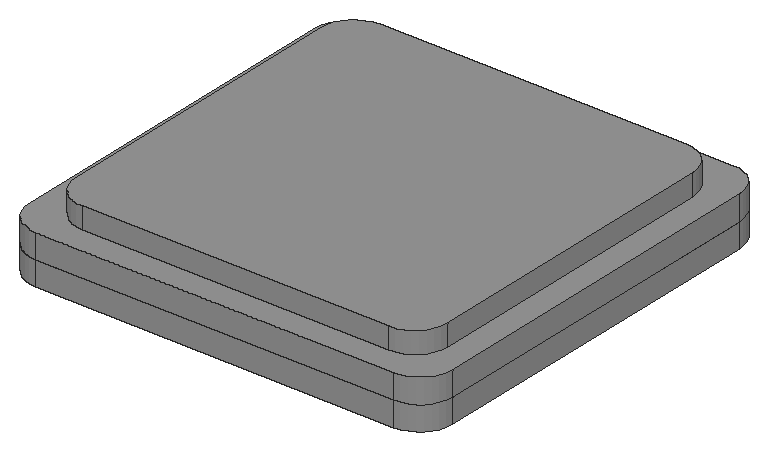
Revit family "FMS2_63_UN_Surface-mounted_ETK", category Lighting Fixtures, Revit 2019 (continued)
Definition of nested family "FMS.2 - Lightsource"
  Types (14, lengths in mm): name | Wattage Comments | Wattage | built-in parameter 1150134 | Photometric Web File | built-in parameter 1150142 | built-in parameter 1150105 | Lumens | built-in parameter 1150107 | built-in parameter 1150106 | Apparent Load
      .0018\t924.426\t921.564\t918.702\t915.84\r\n912.978\t909.8298\t906.9678\t903.2472\t898.668\t894.375\t889.7958\t885.5028\t881.2098\t876.6306\r\n872.3376\t867.7584\t863.4654\t859.1724\t854.5932\t850.3002\t846.0072\t841.428\t837.135\t832.5558\r\n828.2628\t823.6836\t819.3906\t814.8114\t809.0874\t803.3634\t797.6394\t791.9154\t786.1914\t780.4674\r\n774.4572\t768.7332\t762.723\t756.999\t750.9888\t745.2648\t739.5408\t733.8168\t728.0928\t722.0826\r\n716.3586\t710.9208\t705.1968\t699.1866\t692.8902\t686.0214\t679.1526\t672.2838\t665.415\t658.8324\r\n651.9636\t645.0948\t638.226\t631.3572\t624.4884\t617.6196\t610.7508\t603.882\t597.0132\t590.4306\r\n583.5618\t576.693\t569.8242\t562.9554\t555.5142\t548.073\t540.3456\t532.9044\t525.177\t517.7358\r\n510.0084\t502.281\t494.8398\t487.1124\t479.6712\t471.9438\t464.5026\t456.7752\t449.334\t441.8928\r\n434.1654\t426.7242\t419.283\t411.5556\t403.542\t395.5284\t387.5148\t379.5012\t371.4876\t363.474\r\n355.4604\t347.1606\t339.147\t331.1334\t323.1198\t315.1062\t307.0926\t299.079\t291.0654\t283.0232\r\n275.0382\t267.0246\t259.011\t251.5698\t244.3003\t237.0308\t229.7614\t222.4919\t215.251\t208.0102\r\n200.7407\t193.4998\t186.259\t179.0181\t171.8059\t164.565\t157.3528\t150.1119\t142.8997\t135.6874\r\n128.4752\t121.2343\t109.5287\t96.7928\t84.0569\t71.321\t58.5851\t45.8492\t33.1133\t20.3774\r\n7.6444\t0\t0\t0\t0\t0\t0\t0\t0\t0\r\n0\r\n985.6728\t984.8142\t983.9556\t982.8108\t981.9522\t981.0936\t979.9488\t979.0902\t978.2316\t977.373\r\n976.5144\t975.3696\t974.511\t973.3662\t972.5076\t971.649\t970.5042\t969.6456\t968.787\t967.9284\r\n966.7836\t965.3526\t962.7768\t960.201\t957.339\t954.7632\t951.9012\t949.0392\t946.1772\t943.6014\r\n940.7394\t938.1636\t935.3016\t932.4396\t929.8638\t927.0018\t924.426\t921.564\t918.9882\t916.1262\r\n913.5504\t910.6884\t906.9678\t902.6748\t898.3818\t894.0888\t889.7958\t885.5028\t881.2098\t876.6306\r\n872.3376\t868.0446\t863.4654\t859.1724\t854.8794\t850.5864\t846.0072\t841.7142\t837.4212\t832.842\r\n828.549\t824.256\t819.3906\t813.6666\t807.9426\t802.5048\t796.7808\t791.0568\t785.3328\t779.895\r\n774.171\t768.447\t762.723\t757.2852\t751.5612\t745.8372\t740.1132\t734.3892\t728.6652\t722.9412\r\n717.5034\t711.7794\t706.0554\t699.1866\t692.3178\t685.7352\t678.8664\t671.9976\t665.415\t658.5462\r\n651.6774\t644.8086\t638.226\t631.3572\t624.4884\t617.9058\t611.037\t604.1682\t597.5856\t590.7168\r\n583.848\t577.2654\t570.3966\t562.9554\t555.228\t547.7868\t540.3456\t532.6182\t525.177\t517.4496\r\n510.0084\t502.5672\t494.8398\t487.3986\t479.6712\t472.23\t464.7888\t457.0614\t449.6202\t441.8928\r\n434.4516\t427.0104\t419.283\t411.2694\t403.2558\t395.2422\t387.2286\t379.215\t371.2014\t363.1878\r\n355.1742\t347.1606\t339.147\t331.1334\t323.1198\t315.1062\t307.0926\t299.079\t291.0654\t282.9087\r\n274.8951\t266.8815\t259.4117\t252.1136\t244.8155\t237.4888\t230.1907\t222.9212\t215.6231\t208.325\r\n201.0269\t193.7288\t186.4593\t179.1612\t171.8631\t164.5936\t157.2955\t150.026\t142.7279\t135.4585\r\n128.1604\t119.0878\t106.3233\t93.5874\t80.8229\t68.087\t55.3225\t42.5866\t29.822\t17.0718\r\n4.3245\t0\t0\t0\t0\t0\t0\t0\t0\t0\r\n0\r\n985.6728\t984.8142\t983.9556\t982.8108\t981.9522\t981.0936\t980.235\t979.0902\t978.2316\t977.373\r\n976.5144\t975.6558\t974.7972\t973.6524\t972.7938\t971.9352\t971.0766\t969.9318\t969.0732\t967.9284\r\n967.0698\t965.0664\t962.2044\t959.6286\t957.0528\t954.477\t951.615\t949.0392\t946.4634\t943.8876\r\n941.0256\t938.4498\t935.874\t933.012\t930.4362\t927.5742\t924.9984\t922.1364\t919.2744\t916.6986\r\n913.8366\t910.6884\t906.3954\t902.1024\t897.8094\t893.5164\t889.2234\t884.9304\t880.9236\t876.6306\r\n872.3376\t868.0446\t863.7516\t859.4586\t855.1656\t850.8726\t846.5796\t842.2866\t837.9936\t833.7006\r\n829.4076\t824.8284\t819.1044\t813.3804\t807.9426\t802.2186\t796.4946\t791.0568\t785.3328\t779.6088\r\n774.171\t768.447\t762.723\t757.2852\t751.5612\t745.8372\t740.1132\t734.6754\t728.9514\t723.2274\r\n717.5034\t711.7794\t704.9106\t698.328\t691.7454\t684.8766\t678.294\t671.4252\t664.8426\t658.26\r\n651.3912\t644.8086\t638.226\t631.3572\t624.7746\t617.9058\t611.3232\t604.4544\t597.8718\t591.003\r\n584.4204\t577.5516\t570.1104\t562.383\t554.9418\t547.2144\t539.7732\t532.332\t524.8908\t517.4496\r\n509.7222\t502.281\t494.8398\t487.3986\t479.9574\t472.23\t464.7888\t457.3476\t449.9064\t442.4652\r\n435.024\t427.2966\t419.283\t411.2694\t403.2558\t395.2422\t387.2286\t379.215\t371.2014\t363.1878\r\n355.1742\t347.1606\t339.147\t331.1334\t323.1198\t315.1062\t307.0926\t299.079\t291.0654\t283.1663\r\n275.1527\t267.4539\t260.0986\t252.7718\t245.4451\t238.0898\t230.7631\t223.4363\t216.081\t208.7543\r\n201.4276\t194.1008\t186.7741\t179.4188\t172.0921\t164.7653\t157.4386\t150.1119\t142.7852\t135.4585\r\n128.1317\t116.9986\t104.2054\t91.4123\t78.6478\t65.8546\t53.0615\t40.2683\t27.4981\t14.7164\r\n1.9324\t0\t0\t0\t0\t0\t0\t0\t0\t0\r\n0\r\n985.6728\t984.8142\t983.9556\t982.8108\t981.9522\t981.0936\t980.235\t979.3764\t978.2316\t977.373\r\n976.5144\t975.6558\t974.7972\t973.9386\t972.7938\t971.9352\t971.0766\t970.218\t969.3594\t968.5008\r\n967.6422\t965.0664\t962.4906\t959.9148\t957.0528\t954.477\t951.9012\t949.0392\t946.4634\t943.8876\r\n941.0256\t938.4498\t935.874\t933.2982\t930.4362\t927.8604\t925.2846\t922.7088\t920.133\t917.5572\r\n914.6952\t910.6884\t906.6816\t902.3886\t898.0956\t893.8026\t889.5096\t885.2166\t880.9236\t876.6306\r\n872.3376\t868.0446\t863.7516\t859.4586\t855.4518\t851.1588\t846.8658\t842.5728\t838.2798\t833.9868\r\n829.98\t824.5422\t818.8182\t813.3804\t807.6564\t802.2186\t796.4946\t791.0568\t785.3328\t779.895\r\n774.171\t768.447\t763.0092\t757.2852\t751.8474\t746.1234\t740.3994\t734.9616\t729.2376\t723.7998\r\n718.0758\t711.4932\t704.9106\t698.328\t691.7454\t684.8766\t678.294\t671.7114\t665.1288\t658.26\r\n651.6774\t645.0948\t638.226\t631.6434\t624.7746\t618.192\t611.6094\t604.7406\t598.158\t591.2892\r\n584.7066\t577.2654\t569.8242\t562.383\t554.9418\t547.5006\t540.0594\t532.332\t524.8908\t517.4496\r\n510.0084\t502.5672\t495.126\t487.6848\t480.2436\t472.8024\t465.075\t457.6338\t450.1926\t442.7514\r\n435.3102\t427.2966\t419.283\t411.2694\t403.2558\t395.2422\t387.2286\t379.215\t371.2014\t363.1878\r\n355.1742\t347.1606\t339.147\t331.1334\t323.1198\t315.1062\t307.0926\t299.079\t291.0654\t283.1949\r\n275.1813\t267.7401\t260.3848\t253.058\t245.7027\t238.3474\t230.992\t223.6653\t216.31\t208.9546\r\n201.5993\t194.2726\t186.9172\t179.5619\t172.2065\t164.8798\t157.5245\t150.1691\t142.8138\t135.4871\r\n128.1317\t115.7393\t102.9175\t90.1244\t77.3026\t64.5095\t51.7163\t38.8946\t26.0957\t13.2883\r\n0.4848\t0\t0\t0\t0\t0\t0\t0\t0\t0\r\n0\r\n985.6728\t984.8142\t983.9556\t983.097\t981.9522\t981.0936\t980.235\t979.3764\t978.5178\t977.6592\r\n976.5144\t975.6558\t974.7972\t973.9386\t973.08\t971.9352\t971.0766\t970.218\t969.3594\t968.5008\r\n967.356\t964.7802\t962.2044\t959.6286\t957.0528\t954.477\t951.9012\t949.0392\t946.4634\t943.8876\r\n941.3118\t938.736\t936.1602\t933.2982\t930.7224\t928.1466\t925.5708\t922.995\t920.4192\t917.8434\r\n914.9814\t910.9746\t906.6816\t902.3886\t898.0956\t893.8026\t889.5096\t885.5028\t881.2098\t876.9168\r\n872.6238\t868.3308\t864.0378\t860.031\t855.738\t851.445\t847.152\t842.859\t838.566\t834.5592\r\n830.2662\t824.5422\t819.1044\t813.3804\t807.9426\t802.2186\t796.4946\t791.0568\t785.3328\t779.895\r\n774.171\t768.447\t763.0092\t757.2852\t751.8474\t746.1234\t740.6856\t734.9616\t729.2376\t723.7998\r\n718.0758\t711.4932\t704.9106\t698.328\t691.4592\t684.8766\t678.294\t671.7114\t664.8426\t658.26\r\n651.6774\t645.0948\t638.5122\t631.6434\t625.0608\t618.4782\t611.8956\t605.313\t598.4442\t591.8616\r\n585.279\t577.8378\t570.1104\t562.6692\t555.228\t547.7868\t540.3456\t532.9044\t525.177\t517.7358\r\n510.2946\t502.8534\t495.4122\t487.6848\t480.2436\t472.8024\t465.3612\t457.92\t450.1926\t442.7514\r\n435.3102\t427.2966\t419.283\t411.2694\t403.2558\t395.2422\t387.2286\t379.215\t371.4876\t363.474\r\n355.4604\t347.4468\t339.4332\t331.4196\t323.406\t315.3924\t307.3788\t299.3652\t291.3516\t283.4239\r\n275.4103\t268.0549\t260.6996\t253.3442\t246.0175\t238.6622\t231.3068\t223.9515\t216.5962\t209.2408\r\n201.8855\t194.5301\t187.2034\t179.8481\t172.4927\t165.1374\t157.7821\t150.4267\t143.0714\t135.716\r\n128.3607\t115.5389\t102.6886\t89.8668\t77.0164\t64.1947\t51.3443\t38.5225\t25.675\t12.8361\r\n0\t0\t0\t0\t0\t0\t0\t0\t0\t0\r\n0\r\n985.6728\t984.8142\t983.9556\t983.097\t981.9522\t981.0936\t980.235\t979.3764\t978.5178\t977.373\r\n976.5144\t975.6558\t974.7972\t973.9386\t973.08\t972.2214\t971.0766\t970.218\t969.3594\t968.5008\r\n967.6422\t965.0664\t962.4906\t959.9148\t957.339\t954.477\t951.9012\t949.3254\t946.7496\t943.8876\r\n941.3118\t938.736\t936.1602\t933.2982\t930.7224\t928.1466\t925.5708\t922.995\t920.133\t917.5572\r\n914.9814\t910.9746\t906.6816\t902.3886\t898.0956\t893.8026\t889.5096\t885.2166\t880.9236\t876.6306\r\n872.3376\t868.0446\t863.7516\t859.4586\t855.1656\t850.8726\t846.5796\t842.5728\t838.2798\t833.9868\r\n829.6938\t824.256\t818.8182\t813.0942\t807.6564\t801.9324\t796.4946\t790.7706\t785.3328\t779.895\r\n774.171\t768.7332\t763.0092\t757.5714\t751.8474\t746.4096\t740.6856\t734.9616\t729.5238\t723.7998\r\n718.362\t711.7794\t705.1968\t698.6142\t691.7454\t685.1628\t678.5802\t671.9976\t665.1288\t658.5462\r\n651.9636\t645.381\t638.5122\t631.9296\t625.347\t618.7644\t612.1818\t605.313\t598.7304\t592.1478\r\n585.5652\t578.124\t570.6828\t563.2416\t555.8004\t548.073\t540.6318\t533.1906\t525.4632\t518.022\r\n510.5808\t503.1396\t495.4122\t487.971\t480.5298\t473.0886\t465.3612\t457.92\t450.4788\t443.0376\r\n435.3102\t427.5828\t419.5692\t411.5556\t403.542\t395.5284\t387.5148\t379.5012\t371.7738\t363.7602\r\n355.7466\t347.733\t339.7194\t331.7058\t323.6922\t315.6786\t307.665\t299.9376\t291.924\t283.8532\r\n275.8968\t268.427\t261.0716\t253.7163\t246.361\t239.0056\t231.6503\t224.2949\t216.9396\t209.5843\r\n202.2003\t194.845\t187.4896\t180.1343\t172.7789\t165.4236\t158.0683\t150.7129\t143.3576\t136.0022\r\n128.6469\t116.1972\t103.3468\t90.4678\t77.6174\t64.7671\t51.9167\t39.0663\t26.1987\t13.3426\r\n0.4868\t0\t0\t0\t0\t0\t0\t0\t0\t0\r\n0\r\n985.6728\t984.8142\t983.9556\t983.097\t981.9522\t981.0936\t980.235\t979.3764\t978.5178\t977.6592\r\n976.5144\t975.6558\t974.7972\t973.9386\t973.08\t971.9352\t971.0766\t970.218\t969.3594\t968.2146\r\n967.356\t965.3526\t962.4906\t959.9148\t957.339\t954.7632\t951.9012\t949.3254\t946.7496\t943.8876\r\n941.3118\t938.736\t935.874\t933.2982\t930.4362\t927.8604\t924.9984\t922.4226\t919.8468\t916.9848\r\n914.409\t910.9746\t906.9678\t902.6748\t898.3818\t894.0888\t889.7958\t885.5028\t881.496\t877.203\r\n872.91\t868.617\t864.324\t860.031\t855.738\t851.445\t847.4382\t843.1452\t838.8522\t834.5592\r\n830.5524\t825.9732\t820.2492\t814.5252\t808.8012\t803.0772\t797.3532\t791.6292\t785.9052\t780.4674\r\n774.7434\t769.0194\t763.2954\t757.8576\t752.1336\t746.4096\t740.9718\t735.2478\t729.5238\t724.086\r\n718.362\t712.638\t706.0554\t699.1866\t692.604\t686.0214\t679.1526\t672.57\t665.9874\t659.1186\r\n652.536\t645.6672\t639.0846\t632.502\t625.6332\t619.0506\t612.1818\t605.5992\t598.7304\t592.1478\r\n585.5652\t578.6964\t571.2552\t563.5278\t556.0866\t548.6454\t540.918\t533.4768\t526.0356\t518.3082\r\n510.867\t503.4258\t495.9846\t488.2572\t480.816\t473.3748\t465.6474\t458.2062\t450.765\t443.3238\r\n435.5964\t428.1552\t420.1416\t412.128\t404.1144\t396.1008\t388.0872\t380.0736\t372.06\t364.0464\r\n356.0328\t348.0192\t340.0056\t331.992\t323.9784\t315.9648\t307.9512\t300.2238\t292.2102\t284.1107\r\n276.0971\t268.3984\t261.0716\t253.7163\t246.3896\t239.0629\t231.7075\t224.3808\t217.0541\t209.7274\r\n202.4006\t195.0739\t187.7472\t180.4205\t173.0938\t165.7957\t158.4689\t151.1422\t143.8155\t136.5174\r\n129.1907\t117.9716\t105.064\t92.185\t79.306\t66.3984\t53.5194\t40.6118\t27.7328\t14.8395\r\n1.9487\t0\t0\t0\t0\t0\t0\t0\t0\t0\r\n0\r\n985.6728\t984.8142\t983.9556\t983.097\t981.9522\t981.0936\t980.235\t979.3764\t978.5178\t977.6592\r\n976.5144\t975.6558\t974.7972\t973.6524\t972.7938\t971.9352\t970.7904\t969.9318\t969.0732\t967.9284\r\n967.0698\t965.6388\t963.063\t960.4872\t957.6252\t955.0494\t952.1874\t949.6116\t946.7496\t944.1738\r\n941.598\t938.736\t936.1602\t933.2982\t930.7224\t927.8604\t925.2846\t922.4226\t919.5606\t916.9848\r\n914.1228\t911.2608\t907.5402\t903.2472\t898.9542\t894.6612\t890.3682\t886.0752\t881.496\t877.203\r\n872.91\t868.617\t864.324\t860.031\t855.738\t851.445\t847.152\t842.5728\t838.2798\t833.9868\r\n829.6938\t825.4008\t820.8216\t815.0976\t809.3736\t803.6496\t797.9256\t792.2016\t786.4776\t780.7536\r\n775.0296\t769.3056\t763.5816\t757.8576\t752.1336\t746.4096\t740.6856\t734.9616\t729.2376\t723.5136\r\n717.7896\t712.0656\t706.3416\t699.4728\t692.8902\t686.0214\t679.4388\t672.57\t665.9874\t659.1186\r\n652.536\t645.9534\t639.0846\t632.502\t625.6332\t619.0506\t612.1818\t605.5992\t598.7304\t592.1478\r\n585.279\t578.6964\t571.8276\t564.1002\t556.659\t549.2178\t541.4904\t534.0492\t526.3218\t518.8806\r\n511.1532\t503.712\t495.9846\t488.5434\t481.1022\t473.3748\t465.9336\t458.4924\t450.765\t443.3238\r\n435.8826\t428.1552\t420.4278\t412.4142\t404.4006\t396.387\t388.3734\t380.3598\t372.3462\t364.3326\r\n356.319\t348.3054\t340.578\t332.5644\t324.5508\t316.5372\t308.5236\t300.51\t292.4964\t284.5687\r\n276.6123\t268.6559\t261.1575\t253.8594\t246.5327\t239.2346\t231.9365\t224.6384\t217.3403\t210.0422\r\n202.7441\t195.446\t188.1479\t180.8498\t173.5803\t166.2822\t159.0127\t151.7146\t144.4451\t137.147\r\n129.8776\t120.7192\t107.8115\t94.8753\t81.9391\t69.0314\t56.0952\t43.159\t30.2513\t17.3122\r\n4.3846\t0\t0\t0\t0\t0\t0\t0\t0\t0\r\n0\r\n985.6728\t984.8142\t983.9556\t983.097\t982.2384\t981.3798\t980.235\t979.3764\t978.5178\t977.373\r\n976.5144\t975.6558\t974.511\t973.6524\t972.7938\t971.9352\t970.7904\t969.9318\t969.0732\t967.9284\r\n966.7836\t965.925\t963.6354\t960.7734\t958.1976\t955.3356\t952.7598\t949.8978\t947.0358\t944.46\r\n941.598\t939.0222\t936.1602\t933.2982\t930.7224\t927.8604\t924.9984\t922.1364\t919.2744\t916.4124\r\n913.2642\t910.4022\t907.5402\t903.8196\t899.5266\t895.2336\t890.9406\t886.6476\t882.3546\t877.7754\r\n873.4824\t869.1894\t864.6102\t860.3172\t855.738\t851.445\t846.8658\t842.5728\t838.2798\t833.7006\r\n829.4076\t825.1146\t820.8216\t816.2424\t810.8046\t805.0806\t799.3566\t793.6326\t787.6224\t781.8984\r\n775.8882\t770.1642\t764.154\t758.43\t752.706\t746.6958\t740.9718\t734.9616\t729.2376\t723.2274\r\n717.5034\t711.4932\t705.7692\t700.0452\t693.7488\t686.88\t680.0112\t673.4286\t666.5598\t659.691\r\n652.8222\t645.9534\t639.0846\t632.502\t625.6332\t618.7644\t611.8956\t605.313\t598.4442\t591.5754\r\n584.9928\t578.124\t571.2552\t564.6726\t557.2314\t549.7902\t542.0628\t534.6216\t526.8942\t519.1668\r\n511.7256\t503.9982\t496.2708\t488.8296\t481.1022\t473.661\t465.9336\t458.4924\t450.765\t443.0376\r\n435.5964\t427.869\t420.4278\t412.7004\t404.6868\t396.6732\t388.6596\t380.646\t372.6324\t364.6188\r\n356.6052\t348.5916\t340.8642\t332.8506\t324.837\t316.8234\t308.8098\t301.0824\t293.0688\t285.0838\r\n277.1561\t269.2283\t261.3006\t253.888\t246.6185\t239.3204\t232.0223\t224.7529\t217.4548\t210.1853\r\n202.9158\t195.6749\t188.4055\t181.136\t173.8951\t166.6543\t159.4134\t152.1725\t144.9317\t137.6908\r\n130.4786\t123.2377\t111.3604\t98.3956\t85.4593\t72.5231\t59.5582\t46.622\t33.6571\t20.7209\r\n7.7732\t0\t0\t0\t0\t0\t0\t0\t0\t0\r\n0\r\n985.6728\t984.8142\t983.9556\t983.097\t982.2384\t981.3798\t980.235\t979.3764\t978.5178\t977.373\r\n976.5144\t975.6558\t974.7972\t973.6524\t972.7938\t971.9352\t970.7904\t969.6456\t968.787\t967.6422\r\n966.4974\t965.3526\t964.2078\t961.3458\t958.77\t955.908\t953.3322\t950.4702\t947.8944\t945.0324\r\n942.1704\t939.3084\t936.1602\t933.2982\t930.4362\t927.5742\t924.7122\t921.8502\t918.9882\t916.1262\r\n912.978\t910.116\t907.254\t904.1058\t900.9576\t896.3784\t891.7992\t887.22\t882.927\t878.3478\r\n874.0548\t869.4756\t865.1826\t860.8896\t856.3104\t851.7312\t847.152\t842.5728\t837.9936\t833.4144\r\n828.8352\t823.9698\t819.3906\t814.8114\t810.2322\t805.3668\t799.6428\t793.6326\t787.9086\t781.8984\r\n776.1744\t770.4504\t764.4402\t758.7162\t752.9922\t746.982\t741.258\t735.2478\t729.2376\t723.2274\r\n717.2172\t711.4932\t705.483\t699.4728\t693.4626\t687.4524\t681.156\t674.2872\t667.4184\t660.5496\r\n653.6808\t646.812\t639.9432\t632.7882\t625.9194\t619.0506\t612.1818\t605.313\t598.4442\t591.5754\r\n584.9928\t578.124\t571.2552\t564.3864\t557.5176\t550.6488\t543.2076\t535.4802\t527.7528\t520.0254\r\n512.5842\t504.8568\t497.1294\t489.402\t481.6746\t473.9472\t466.2198\t458.4924\t451.0512\t443.3238\r\n435.5964\t427.869\t420.4278\t412.7004\t405.2592\t397.5318\t389.5182\t381.5046\t373.491\t365.4774\r\n357.4638\t349.4502\t341.4366\t333.423\t325.4094\t317.3958\t309.3822\t301.6548\t293.6412\t285.6276\r\n277.6712\t269.7435\t261.8158\t253.9166\t246.3323\t239.0915\t231.8506\t224.6384\t217.4261\t210.2139\r\n203.0303\t195.818\t188.6344\t181.4508\t174.2672\t167.1122\t159.9286\t152.7736\t145.5899\t138.4349\r\n131.2799\t124.1249\t116.0255\t103.032\t90.0385\t77.045\t64.0802\t51.0867\t38.0932\t25.1026\r\n12.1148\t0\t0\t0\t0\t0\t0\t0\t0\t0\r\n0\r\n985.6728\t984.8142\t983.9556\t983.097\t982.2384\t981.3798\t980.5212\t979.3764\t978.5178\t977.6592\r\n976.8006\t975.6558\t974.7972\t973.9386\t972.7938\t971.9352\t970.7904\t969.6456\t968.2146\t967.0698\r\n965.925\t964.7802\t963.6354\t962.4906\t959.9148\t957.0528\t954.1908\t951.0426\t948.1806\t945.3186\r\n942.4566\t939.5946\t936.7326\t933.8706\t931.0086\t927.8604\t924.9984\t921.8502\t918.702\t915.5538\r\n912.4056\t909.2574\t906.1092\t903.2472\t900.099\t896.9508\t893.2302\t888.651\t884.0718\t879.4926\r\n874.6272\t870.048\t865.4688\t860.8896\t856.0242\t851.445\t846.8658\t842.2866\t837.4212\t832.842\r\n828.549\t823.9698\t819.3906\t814.5252\t809.6598\t805.0806\t800.2152\t795.3498\t789.6258\t783.3294\r\n777.3192\t771.0228\t765.0126\t759.2886\t753.2784\t747.2682\t741.258\t735.2478\t729.2376\t722.9412\r\n716.931\t710.6346\t704.6244\t698.6142\t692.3178\t686.3076\t680.2974\t674.2872\t668.277\t661.4082\r\n654.5394\t647.6706\t640.8018\t633.6468\t626.4918\t619.3368\t612.468\t605.313\t598.4442\t591.2892\r\n584.4204\t577.5516\t570.6828\t563.814\t556.659\t54
